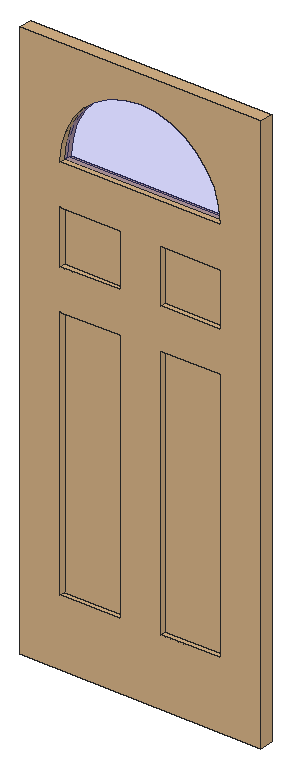
Revit family "0048_M_DR_W_single-decorative 2_no trim", category 문, Revit 2026
Family settings
  호스트 = 벽
  항상 수직 = 예
  로드될 때 보이드를 사용하여 절단 = 아니오
  공유 = 아니오
  룸 계산 점 = 아니오
Parameters (values of type "36" x 84"")
  두께 = 0' - 2"
  조합 코드 = "C1020"
  기능 = 내부
  Door Material = Door - Panel
  Frame Material = Door - Frame
  Height = 7' - 0"
  벽 마무리 = 호스트별
  Width = 3' - 0"
Types (8): name | 두께 | 조합 코드 | Height | Width
  36" x 84" | 0' - 2" | "C1020" | 7' - 0" | 3' - 0"
  34" x 84" | 0' - 2" | "C1020" | 7' - 0" | 2' - 10"
  32" x 84" | 0' - 2" | "C1020" | 7' - 0" | 2' - 8"
  30" x 84" | 0' - 2" | "C1020" | 7' - 0" | 2' - 6"
  30" x 80" | 0' - 2" | "C1020" | 6' - 8" | 2' - 6"
  36" x 80" | 0' - 2" | "C1020" | 6' - 8" | 3' - 0"
  34" x 80" | 0' - 2" | "C1020" | 6' - 8" | 2' - 10"
  0915 x 2134mm | 0' - 1 31/32" | 0' - 0" | 7' - 0 1/64" | 3' - 0 3/128"
Reference planes (in)
  plane 1: y = 0
  plane 2: z = 0
  plane 3: x = 0
  plane 4: x = -18
  plane 5: x = 18
  plane 6: z = 84
  plane 7: x = 12
  plane 8: x = -12
Forms (in)
  Extrusion 1, solid, material "Door - Panel" <- "Door Material"
    sketch origin (-60, 3, 0) x (-1, 0, 0) y (0, 0, 1)
      loop
        line (-78, 84) -> (-78, 0) -> (-42, 0) -> (-42, 84) -> (-78, 84)
      loop
        line (-72, 10) -> (-63, 10) -> (-63, 48) -> (-72, 48) -> (-72, 10)
      loop
        line (-57, 10) -> (-48, 10) -> (-48, 48) -> (-57, 48) -> (-57, 10)
      loop
        line (-72, 54) -> (-63, 54) -> (-63, 62) -> (-72, 62) -> (-72, 54)
      loop
        line (-57, 54) -> (-48, 54) -> (-48, 62) -> (-57, 62) -> (-57, 54)
      loop
        line (-72, 68) -> (-48, 68)
        arc (-48, 68) -> (-60, 80) -> (-72, 68) r 12
    from 0 to -2
  Extrusion 2, solid, material "Door - Panel" <- "Door Material"
    sketch origin (-60, 3, 0) x (-1, 0, 0) y (0, 0, 1)
      loop
        line (-48, 10) -> (-48, 48) -> (-57, 48) -> (-57, 10) -> (-48, 10)
      loop
        line (-72, 48) -> (-72, 10) -> (-63, 10) -> (-63, 48) -> (-72, 48)
      loop
        line (-72, 62) -> (-72, 54) -> (-63, 54) -> (-63, 62) -> (-72, 62)
      loop
        line (-57, 62) -> (-57, 54) -> (-48, 54) -> (-48, 62) -> (-57, 62)
    from -0.5 to -1.1875
  Extrusion 3, solid, material "Glass"
    sketch origin (-60, 3, 0) x (-1, 0, 0) y (0, 0, 1)
      loop
        line (-72, 68) -> (-48, 68)
        arc (-48, 68) -> (-60, 80) -> (-72, 68) r 12
    from -0.5 to -1.1875
Lines and regions (in)
  Opening 1
    outline origin (-60, -3, 144) x (0, 0, -1) y (1, 0, 0)
      loop
        line (60, 42) -> (144, 42) -> (144, 78) -> (60, 78) -> (60, 42)
  symbolic lines, style "DoorsPanelProjection"
    curve 1: line (18, 3, 0) -> (16, 3, 0)
    curve 2: line (18, 3, 0) -> (18, 39, 0)
    curve 3: line (18, 39, 0) -> (16, 39, 0)
    curve 4: line (16, 3, 0) -> (16, 39, 0)
  symbolic lines, style "Elevation Swing"
    curve 5: line (17.87412, 3, 42) -> (-18, 3, 0)
    curve 6: line (-18, -3, 84) -> (17.45571, -3, 42.48986)
  symbolic lines, style "Plan Swing"
    curve 7: arc (16, 39, 0) -> (-8.19266, 27.7779, 0) -> (-18.05551, 3, 0) r 36.05551
Dimensions and locks (in)
  equal spacing: plane 4, plane 3, plane 5
  "Width": plane 4 to plane 5
  host wall to curve 1 = 0' - 0"
  "Height": plane 6 to plane 2
  equal spacing: plane 6, curve 5, level
  locked: plane 2 to Extrusion 1 sketch curve at 10
  Extrusion 1 sketch curve to Extrusion 1 sketch curve = 0' - 6"
  locked: Extrusion 1 sketch curve to Extrusion 1 sketch curve at 6  (x3)
  locked: Extrusion 1 sketch curve to Extrusion 1 sketch curve at 4
  "두께": Extrusion 1 to host wall
  locked: Extrusion 2 to Extrusion 2 at 0.6875
  plane 4 to plane 8 = 0' - 6"
  plane 7 to plane 5 = 0' - 6"
  "두께": curve 4 to plane 5
  aligned and locked: Extrusion 1 sketch curve to Extrusion 1 sketch curve
  aligned and locked: Extrusion 2 sketch curve to Extrusion 1  (x7)
  aligned and locked: Extrusion 3 sketch curve to Extrusion 1
  aligned and locked: host wall to plane 1
  aligned and locked: curve 6 to Extrusion 1
Automatic sketch dimensions
  Opening 1 sketch curve to plane 6 = 0' - 0"
  Opening 1 sketch curve to level = 0' - 0"
  Opening 1 sketch curve to plane 4 = 0' - 0"
  Opening 1 sketch curve to plane 5 = 0' - 0"
  plane 3 to Extrusion 2 sketch curve = 0' - 3"  (x2)
  Extrusion 2 sketch curve to plane 3 = 0' - 3"  (x2)
  Extrusion 2 sketch curve to Extrusion 2 sketch curve = 0' - 0"  (x2)
  level to Extrusion 2 sketch curve = 0' - 10"
  Extrusion 2 sketch curve to Extrusion 2 sketch curve = 0' - 6"
  Extrusion 2 sketch curve to Extrusion 2 sketch curve = 0' - 8"
  Extrusion 1 sketch curve to level = 0' - 0"
  Extrusion 1 sketch curve to plane 5 = 0' - 0"
  Extrusion 1 sketch curve to plane 7 = 0' - 0"
  Extrusion 1 sketch curve to plane 3 = 0' - 0"
  Extrusion 1 sketch curve to plane 8 = 0' - 0"  (x2)
  plane 3 to Extrusion 1 sketch curve = 0' - 3"  (x2)
  Extrusion 1 sketch curve to plane 3 = 0' - 3"
  Extrusion 1 sketch curve to plane 6 = 0' - 0"
  level to Extrusion 1 sketch curve = 0' - 10"
  Extrusion 1 sketch curve to Extrusion 1 sketch curve = 1' - 8"
  Extrusion 1 sketch curve to Extrusion 1 sketch curve = 0' - 0"
  Extrusion 1 sketch curve to Extrusion 1 sketch curve = 0' - 6"  (x3)
  Extrusion 3 sketch curve to plane 7 = 0' - 0"
  Extrusion 3 sketch curve to plane 3 = 0' - 0"
  curve 5 to level = 0' - 0"
  plane 5 to curve 6 = 0' - 0.54429"
  curve 6 to curve 5 = 0' - 0.48986"
  curve 5 to plane 4 = 0' - 0"
  curve 1 to plane 5 = 0' - 0"
  curve 7 to plane 5 = 0' - 0"
  plane 4 to curve 7 = 0' - 0.05551"
  curve 7 to host wall = 0' - 0"
  curve 6 to plane 6 = 0' - 0"
  plane 5 to curve 5 = 0' - 0.12588"
